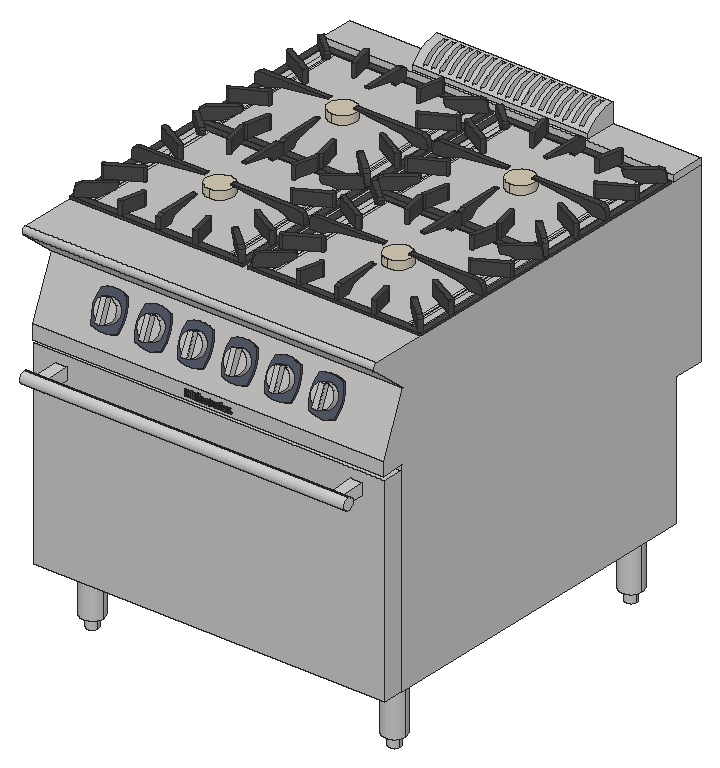
Revit family "QF_ELECTROLUXPROFESSIONAL_391457_E9AAMCBCMEE", category Attrezzature speciali, Revit 2018
Family settings
  Quota connettore circolare = Usa diametro
  Tipo di parte = Normale
  Basato su piano di lavoro = No
  Sempre verticale = Sì
  Taglio con vuoti quando caricato = No
  Condiviso = No
  Punto di calcolo locali = No
Parameters (values of type "Standard")
  Weight = 155.00 kg
  Watts = 0 W
  Volts = 0 V
  URL Manufacturer = "https://www.electroluxprofessional.com/"
  URL = "https://www.electroluxprofessional.com/"
  Steam Supply Size = 0"
  Steam Supply Minimum Pressure = 0.00 psi
  Steam Supply Maximum Pressure = 0.00 psi
  Steam Consumption per Hour = 0
  Show Logo [instance] = yes
  Show Clearance [instance] = yes
  Refrigeration Suction Line Size = 0 mm
  Refrigeration Liquid Line Size = 0 mm
  Refrigerant Compressor Remote = yes
  Phase = 0
  Modello = "E9AAMCBCMEE"
  Produttore = "Electrolux Professional"
  Length Actual = 800 mm  # constant formula
  Item Number = "391457"
  Hot Water Size = 0"
  Height Actual = 850 mm  # constant formula
  HP = "0 HP"
  Gas Size = 1/2"
  Gas KW = 28
  Gas Input Pressure = 0.691056 Btu/h
  Direct Waste Size = 0"
  Descrizione = "4-BURNER GAS RANGE+ELECTRIC OVEN 800MM - 3MM WORKTOP"
  Depth Actual = 930 mm  # constant formula
  Cycle = 0 Hz
  Condensate Return Size = 0"
  Compressed Air Volume = 0 GPM
  Compressed Air Size = 0"
  Compressed Air Pressure = 0.00 psi
  Cold Water Size = 0"
  Accessory = yes
Values of the unnamed type that differ from the named types
  Weight = 0.00 kg
  URL Manufacturer = ""
  Item Number = ""
  HP = ""
  Gas KW = 0
  Gas Input Pressure = 0.0 Btu/h
Reference planes
  plane 1 "BACK": y = 0
  plane 2: z = 0
  plane 3 "LEFT": x = 0
  plane 4 "RIGHT": x = 800.1
  plane 5 "FRONT": y = -930.275
  plane 6 "TOP": z = 909
  plane 7 "Center Y": x = 400.05
  plane 8 "Center X": y = -465.137
  plane 9: z = 150
  plane 10: z = 1397
  plane 11: y = -80.962
  plane 12: z = 851
  plane 13: x = 56
  plane 14: x = 744.1
  plane 15: y = -128
  plane 16: y = -802
  plane 17: y = -1306
  plane 18: y = -900
  plane 19: x = 552.1
  plane 20: x = 757.1
  plane 21: y = -665
Forms (mm)
  Extrusion 1, solid, material "QF_Finishes_Stainless Steel"
    sketch origin (0, 0, 0) x (0, 1, 0) y (0, 0, 1)
      loop
        line (0, 450.037) -> (0, 851) -> (-921.28, 851)
        arc (-921.28, 851) -> (-929.718, 845.109) -> (-927.095, 835.158) r 8.988
        line (-927.095, 835.158) -> (-846.681, 766.933) -> (-902.478, 641.576) -> (-902.478, 610.279) -> (-855.054, 614.975)
        arc (-855.054, 614.975) -> (-852.529, 614.227) -> (-851.437, 611.831) r 3.175
        line (-851.437, 611.831) -> (-851.437, 150) -> (-71.438, 150) -> (-71.438, 450.037) -> (0, 450.037)
    from 0 to 800.1
  Extrusion 2, solid, material "QF_Finishes_Stainless Steel"
    sketch origin (0, 0, 0) x (0, 1, 0) y (0, 0, 1)
      loop
        line (0, 851) -> (0, 865.288) -> (-76.2, 865.288) -> (-76.2, 851) -> (0, 851)
    from 0 to 800.1
  Extrusion 3, void
    sketch origin (-65.011, 0, 865.138) x (-1, 0, 0) y (0, -1, 0)
      loop
        line (-295.005, 6.761) -> (-285.709, 6.761) -> (-285.709, 63.911) -> (-295.005, 63.911) -> (-295.005, 6.761)
      loop
        line (-313.697, 6.761) -> (-304.401, 6.761) -> (-304.401, 63.911) -> (-313.697, 63.911) -> (-313.697, 6.761)
      loop
        line (-332.39, 6.761) -> (-323.094, 6.761) -> (-323.094, 63.911) -> (-332.39, 63.911) -> (-332.39, 6.761)
      loop
        line (-351.082, 6.761) -> (-341.787, 6.761) -> (-341.787, 63.911) -> (-351.082, 63.911) -> (-351.082, 6.761)
      loop
        line (-369.775, 6.761) -> (-360.479, 6.761) -> (-360.479, 63.911) -> (-369.775, 63.911) -> (-369.775, 6.761)
      loop
        line (-388.468, 6.761) -> (-379.172, 6.761) -> (-379.172, 63.911) -> (-388.468, 63.911) -> (-388.468, 6.761)
      loop
        line (-407.16, 6.761) -> (-397.864, 6.761) -> (-397.864, 63.911) -> (-407.16, 63.911) -> (-407.16, 6.761)
      loop
        line (-425.853, 6.761) -> (-416.557, 6.761) -> (-416.557, 63.911) -> (-425.853, 63.911) -> (-425.853, 6.761)
      loop
        line (-444.545, 6.761) -> (-435.25, 6.761) -> (-435.25, 63.911) -> (-444.545, 63.911) -> (-444.545, 6.761)
      loop
        line (-463.238, 6.761) -> (-453.942, 6.761) -> (-453.942, 63.911) -> (-463.238, 63.911) -> (-463.238, 6.761)
      loop
        line (-481.493, 6.761) -> (-472.635, 6.761) -> (-472.635, 63.911) -> (-481.493, 63.911) -> (-481.493, 6.761)
      loop
        line (-500.186, 6.761) -> (-490.89, 6.761) -> (-490.89, 63.911) -> (-500.186, 63.911) -> (-500.186, 6.761)
      loop
        line (-518.878, 6.761) -> (-509.583, 6.761) -> (-509.583, 63.911) -> (-518.878, 63.911) -> (-518.878, 6.761)
      loop
        line (-537.571, 6.761) -> (-528.275, 6.761) -> (-528.275, 63.911) -> (-537.571, 63.911) -> (-537.571, 6.761)
      loop
        line (-556.264, 6.761) -> (-546.968, 6.761) -> (-546.968, 63.911) -> (-556.264, 63.911) -> (-556.264, 6.761)
      loop
        line (-574.956, 6.761) -> (-565.66, 6.761) -> (-565.66, 63.911) -> (-574.956, 63.911) -> (-574.956, 6.761)
      loop
        line (-593.649, 6.761) -> (-584.353, 6.761) -> (-584.353, 63.911) -> (-593.649, 63.911) -> (-593.649, 6.761)
      loop
        line (-612.341, 6.761) -> (-603.046, 6.761) -> (-603.046, 63.911) -> (-612.341, 63.911) -> (-612.341, 6.761)
      loop
        line (-631.034, 6.761) -> (-621.738, 6.761) -> (-621.738, 63.911) -> (-631.034, 63.911) -> (-631.034, 6.761)
      loop
        line (-649.727, 6.761) -> (-640.431, 6.761) -> (-640.431, 63.911) -> (-649.727, 63.911) -> (-649.727, 6.761)
    from 9.525 to 45.348
  Extrusion 4, solid, material "QF_Finishes_Stainless Steel"
    sketch origin (400.05, 175.397, 1219.2) x (0, 1, 0) y (0, 0, 1)
      loop
        line (-175.397, -353.912) -> (-175.397, -310.2)
        arc (-175.397, -310.2) -> (-214.469, -318.821) -> (-245.247, -344.387) r 84.854
        line (-245.247, -344.387) -> (-245.247, -353.912) -> (-175.397, -353.912)
    from -200.05 to 199.95
  Extrusion 5, solid, material "QF_Finishes_Navy Blue"
    sketch origin (0, -879.281, 692.691) x (0, -0.406642, -0.913587) y (1, 0, 0)
      loop
        arc (-53.776, 223.651) -> (-18.194, 216.027) -> (17.514, 223.034) r 90.5
        arc (17.514, 223.034) -> (24.34, 252.222) -> (17.514, 281.409) r 65.817
        arc (17.514, 281.409) -> (-18.193, 288.369) -> (-53.776, 280.797) r 91.066
        arc (-53.776, 280.797) -> (-60.332, 252.224) -> (-53.776, 223.651) r 65.546
      loop
        arc (-53.776, 123.651) -> (-18.194, 116.027) -> (17.514, 123.034) r 90.5
        arc (17.514, 123.034) -> (24.34, 152.222) -> (17.514, 181.409) r 65.817
        arc (17.514, 181.409) -> (-18.193, 188.369) -> (-53.776, 180.797) r 91.066
        arc (-53.776, 180.797) -> (-60.332, 152.224) -> (-53.776, 123.651) r 65.546
      loop
        arc (-53.776, 576.786) -> (-60.332, 548.214) -> (-53.776, 519.641) r 65.546
        arc (-53.776, 519.641) -> (-18.193, 512.068) -> (17.514, 519.028) r 91.066
        arc (17.514, 519.028) -> (24.34, 548.216) -> (17.514, 577.404) r 65.817
        arc (17.514, 577.404) -> (-18.194, 584.411) -> (-53.776, 576.786) r 90.5
      loop
        arc (-53.776, 676.349) -> (-60.237, 647.995) -> (-53.776, 619.641) r 65.451
        arc (-53.776, 619.641) -> (-18.194, 612.032) -> (17.514, 619.025) r 90.665
        arc (17.514, 619.025) -> (24.245, 647.997) -> (17.514, 676.969) r 65.722
        arc (17.514, 676.969) -> (-18.195, 684.01) -> (-53.776, 676.349) r 90.1
      loop
        arc (-53.776, 420.279) -> (-18.194, 412.655) -> (17.514, 419.662) r 90.5
        arc (17.514, 419.662) -> (24.34, 448.849) -> (17.514, 478.037) r 65.817
        arc (17.514, 478.037) -> (-18.193, 484.997) -> (-53.776, 477.424) r 91.066
        arc (-53.776, 477.424) -> (-60.332, 448.852) -> (-53.776, 420.279) r 65.546
      loop
        arc (-53.776, 320.279) -> (-18.194, 312.655) -> (17.514, 319.662) r 90.5
        arc (17.514, 319.662) -> (24.34, 348.849) -> (17.514, 378.037) r 65.817
        arc (17.514, 378.037) -> (-18.193, 384.997) -> (-53.776, 377.424) r 91.066
        arc (-53.776, 377.424) -> (-60.332, 348.852) -> (-53.776, 320.279) r 65.546
    from 0 to 3.175
  Extrusion 6, solid, material "QF_Finishes_Stainless Steel"
    sketch origin (0, -882.182, 693.982) x (0, -0.406642, -0.913587) y (1, 0, 0)
      loop
        circle (-18.131, 252.457) r 25.4
      loop
        circle (-18.131, 152.457) r 25.4
      loop
        circle (-18.131, 547.543) r 25.4
      loop
        circle (-18.131, 647.543) r 25.4
      loop
        circle (-18.131, 349.085) r 25.4
      loop
        circle (-18.131, 449.085) r 25.4
    from 0 to 12.7
  Extrusion 7, solid, material "QF_Finishes_Stainless Steel"
    sketch origin (0, -893.785, 699.146) x (0, -0.406642, -0.913587) y (1, 0, 0)
      loop
        arc (-42.863, 258.243) -> (-43.531, 252.457) -> (-42.863, 246.671) r 25.4
        line (-42.863, 246.671) -> (6.601, 246.671)
        arc (6.601, 246.671) -> (7.269, 252.457) -> (6.601, 258.243) r 25.4
        line (6.601, 258.243) -> (-42.863, 258.243)
      loop
        arc (-42.863, 158.243) -> (-43.531, 152.457) -> (-42.863, 146.671) r 25.4
        line (-42.863, 146.671) -> (6.601, 146.671)
        arc (6.601, 146.671) -> (7.269, 152.457) -> (6.601, 158.243) r 25.4
        line (6.601, 158.243) -> (-42.863, 158.243)
      loop
        arc (-42.863, 553.425) -> (-43.531, 547.639) -> (-42.863, 541.852) r 25.4
        line (-42.863, 541.852) -> (6.601, 541.852)
        arc (6.601, 541.852) -> (7.269, 547.639) -> (6.601, 553.425) r 25.4
        line (6.601, 553.425) -> (-42.863, 553.425)
      loop
        arc (-42.863, 653.425) -> (-43.531, 647.639) -> (-42.863, 641.852) r 25.4
        line (-42.863, 641.852) -> (6.601, 641.852)
        arc (6.601, 641.852) -> (7.269, 647.639) -> (6.601, 653.425) r 25.4
        line (6.601, 653.425) -> (-42.863, 653.425)
      loop
        arc (-42.863, 454.871) -> (-43.531, 449.085) -> (-42.863, 443.299) r 25.4
        line (-42.863, 443.299) -> (6.601, 443.299)
        arc (6.601, 443.299) -> (7.269, 449.085) -> (6.601, 454.871) r 25.4
        line (6.601, 454.871) -> (-42.863, 454.871)
      loop
        arc (-42.863, 354.871) -> (-43.531, 349.085) -> (-42.863, 343.299) r 25.4
        line (-42.863, 343.299) -> (6.601, 343.299)
        arc (6.601, 343.299) -> (7.269, 349.085) -> (6.601, 354.871) r 25.4
        line (6.601, 354.871) -> (-42.863, 354.871)
    from 0 to 12.7
  Extrusion 8, solid, material "QF_Finishes_Navy Blue", visible <- "Show Logo"
    sketch origin (0, -902.478, 610.279) x (0, 0, 1) y (-1, 0, 0)
      loop
        line (21.268, -357.807) -> (8.901, -357.807)
        arc (8.901, -357.807) -> (15.085, -362.379) -> (21.268, -357.807) r 6.467
      loop
        arc (21.268, -357.178) -> (20.099, -352.035) -> (15.443, -349.557) r 6.338
        line (15.443, -349.557) -> (15.443, -351.603)
        arc (15.443, -351.603) -> (16.927, -355.258) -> (20.372, -357.178) r 5.941
        line (20.372, -357.178) -> (21.268, -357.178)
      loop
        arc (9.797, -357.178) -> (13.242, -355.258) -> (14.726, -351.603) r 5.941
        line (14.726, -351.603) -> (14.726, -349.557)
        arc (14.726, -349.557) -> (10.032, -352.031) -> (8.742, -357.178) r 6.504
        line (8.742, -357.178) -> (9.797, -357.178)
      loop
        line (21.943, -349.088) -> (8.198, -349.088) -> (8.198, -362.851) -> (21.943, -362.851) -> (21.943, -349.088)
      loop
        arc (22.026, -365.819) -> (21.679, -365.461) -> (21.312, -365.799) r 0.358
        arc (21.312, -365.799) -> (20.997, -366.549) -> (20.281, -366.934) r 1.216
        line (20.281, -366.934) -> (9.868, -366.934)
        arc (9.868, -366.934) -> (9.208, -366.657) -> (8.812, -366.06) r 1.238
        arc (8.812, -366.06) -> (8.417, -365.809) -> (8.112, -366.163) r 0.358
        line (8.112, -366.163) -> (8.112, -376.042) -> (10.863, -376.042) -> (10.863, -375.145)
        arc (10.863, -375.145) -> (9.954, -374.565) -> (9.498, -373.588) r 1.928
        line (9.498, -373.588) -> (9.498, -371.089)
        arc (9.498, -371.089) -> (9.774, -370.36) -> (10.462, -369.996) r 1.101
        line (10.462, -369.996) -> (14.549, -369.996) -> (14.549, -373.67)
        arc (14.549, -373.67) -> (14.196, -374.167) -> (13.631, -374.395) r 1.083
        arc (13.631, -374.395) -> (13.367, -374.7) -> (13.659, -374.978) r 0.292
        line (13.659, -374.978) -> (16.621, -374.978)
        arc (16.621, -374.978) -> (16.924, -374.705) -> (16.686, -374.375) r 0.305
        arc (16.686, -374.375) -> (16.195, -374.127) -> (15.89, -373.67) r 1.083
        line (15.89, -373.67) -> (15.89, -369.996) -> (20.567, -369.996) -> (20.567, -373.744)
        arc (20.567, -373.744) -> (20.353, -374.499) -> (19.747, -374.997) r 1.314
        arc (19.747, -374.997) -> (19.527, -375.401) -> (19.882, -375.694) r 0.361
        line (19.882, -375.694) -> (22.026, -375.694) -> (22.026, -365.819)
      loop
        arc (21.309, -376.474) -> (20.928, -377.393) -> (20.01, -377.773) r 1.299
        line (20.01, -377.773) -> (10.431, -377.773)
        arc (10.431, -377.773) -> (9.593, -377.395) -> (9.321, -376.517) r 1.118
        line (9.321, -376.517) -> (8.112, -376.517) -> (8.112, -381.867) -> (9.3, -381.867)
        arc (9.3, -381.867) -> (9.572, -380.95) -> (10.442, -380.554) r 1.153
        line (10.442, -380.554) -> (22.514, -380.554) -> (21.309, -376.474)
      loop
        line (13.077, -384.503) -> (13.077, -390.951) -> (13.876, -390.951)
        arc (13.876, -390.951) -> (16.456, -389.966) -> (17.725, -387.513) r 3.874
        line (17.725, -387.513) -> (17.725, -385.752)
        arc (17.725, -385.752) -> (16.538, -382.887) -> (13.674, -381.701) r 4.051
        line (13.674, -381.701) -> (11.666, -381.701)
        arc (11.666, -381.701) -> (8.847, -383.186) -> (7.795, -386.193) r 4.352
        arc (7.795, -386.193) -> (8.16, -388.656) -> (9.537, -390.73) r 5.713
        line (9.537, -390.73) -> (10.486, -390.73)
        arc (10.486, -390.73) -> (9.754, -389.161) -> (9.537, -387.443) r 5.579
        arc (9.537, -387.443) -> (10.331, -385.48) -> (12.21, -384.503) r 3.057
        line (12.21, -384.503) -> (13.077, -384.503)
      loop
        line (14.336, -384.503) -> (14.336, -388.085)
        arc (14.336, -388.085) -> (15.793, -388.133) -> (16.676, -386.973) r 1.59
        line (16.676, -386.973) -> (16.676, -386.143)
        arc (16.676, -386.143) -> (15.811, -384.888) -> (14.336, -384.503) r 2.184
      loop
        arc (17.127, -400.368) -> (17.616, -398.694) -> (17.773, -396.957) r 9.023
        line (17.773, -396.957) -> (17.773, -395.595)
        arc (17.773, -395.595) -> (16.614, -392.795) -> (13.814, -391.636) r 3.959
        line (13.814, -391.636) -> (11.214, -391.636)
        arc (11.214, -391.636) -> (8.932, -392.928) -> (7.815, -395.301) r 4.331
        line (7.815, -395.301) -> (7.815, -397.436)
        arc (7.815, -397.436) -> (8.323, -398.986) -> (9.245, -400.332) r 5.772
        arc (9.245, -400.332) -> (10.006, -400.383) -> (10.093, -399.624) r 0.553
        arc (10.093, -399.624) -> (9.705, -398.89) -> (9.571, -398.071) r 2.573
        line (9.571, -398.071) -> (9.571, -396.556)
        arc (9.571, -396.556) -> (10.577, -394.915) -> (12.392, -394.272) r 2.884
        line (12.392, -394.272) -> (13.67, -394.272)
        arc (13.67, -394.272) -> (15.492, -394.832) -> (16.418, -396.497) r 2.554
        line (16.418, -396.497) -> (16.418, -397.55)
        arc (16.418, -397.55) -> (16.087, -398.478) -> (15.43, -399.213) r 2.564
        arc (15.43, -399.213) -> (15.208, -399.93) -> (15.817, -400.368) r 0.643
        line (15.817, -400.368) -> (17.127, -400.368)
      loop
        line (16.109, -400.638) -> (16.109, -402.139) -> (10.061, -402.139)
        arc (10.061, -402.139) -> (8.473, -402.797) -> (7.815, -404.385) r 2.246
        line (7.815, -404.385) -> (7.815, -405.969)
        arc (7.815, -405.969) -> (8.129, -406.834) -> (8.629, -407.605) r 4.06
        arc (8.629, -407.605) -> (9.362, -407.738) -> (9.613, -407.037) r 0.576
        arc (9.613, -407.037) -> (9.507, -406.512) -> (9.571, -405.979) r 1.69
        arc (9.571, -405.979) -> (10.113, -405.191) -> (11.019, -404.888) r 1.506
        line (11.019, -404.888) -> (16.157, -404.888) -> (16.157, -407.285) -> (16.713, -407.842) -> (17.535, -407.842) -> (17.535, -404.982) -> (20.766, -404.982) -> (16.109, -400.638)
      loop
        line (8.032, -408.739) -> (8.032, -414.126) -> (9.142, -414.126)
        arc (9.142, -414.126) -> (9.536, -413.175) -> (10.487, -412.781) r 1.345
        line (10.487, -412.781) -> (14.103, -412.781)
        arc (14.103, -412.781) -> (14.868, -413.373) -> (15.157, -414.295) r 1.615
        line (15.157, -414.295) -> (15.157, -415.851) -> (17.713, -416.536) -> (17.713, -415.153) -> (15.771, -412.594) -> (17.651, -412.594) -> (17.367, -409.888)
        arc (17.367, -409.888) -> (16.927, -409.358) -> (16.268, -409.559) r 0.621
        arc (16.268, -409.559) -> (15.868, -409.901) -> (15.374, -410.084) r 1.501
        line (15.374, -410.084) -> (10.487, -410.084)
        arc (10.487, -410.084) -> (9.536, -409.69) -> (9.142, -408.739) r 1.345
        line (9.142, -408.739) -> (8.032, -408.739)
      loop
        line (14.134, -416.073) -> (11.442, -416.073)
        arc (11.442, -416.073) -> (8.996, -417.381) -> (7.863, -419.912) r 4.288
        arc (7.863, -419.912) -> (7.799, -421.292) -> (7.863, -422.672) r 15.022
        arc (7.863, -422.672) -> (8.996, -425.203) -> (11.442, -426.51) r 4.288
        line (11.442, -426.51) -> (14.134, -426.51)
        arc (14.134, -426.51) -> (16.579, -425.203) -> (17.713, -422.672) r 4.288
        arc (17.713, -422.672) -> (17.777, -421.292) -> (17.713, -419.912) r 15.022
        arc (17.713, -419.912) -> (16.579, -417.381) -> (14.134, -416.073) r 4.288
      loop
        line (14.339, -419.187) -> (11.237, -419.187)
        arc (11.237, -419.187) -> (9.08, -421.344) -> (11.237, -423.501) r 2.157
        line (11.237, -423.501) -> (14.339, -423.501)
        arc (14.339, -423.501) -> (16.496, -421.344) -> (14.339, -419.187) r 2.157
      loop
        arc (21.32, -426.369) -> (20.949, -427.263) -> (20.055, -427.633) r 1.264
        line (20.055, -427.633) -> (10.191, -427.633)
        arc (10.191, -427.633) -> (9.321, -427.236) -> (9.049, -426.32) r 1.153
        line (9.049, -426.32) -> (8.112, -426.32) -> (8.112, -431.428) -> (9.04, -431.428)
        arc (9.04, -431.428) -> (9.399, -430.656) -> (10.191, -430.341) r 1.153
        line (10.191, -430.341) -> (22.514, -430.341) -> (21.32, -426.369)
      loop
        arc (16.44, -430.966) -> (16.241, -432.03) -> (15.272, -432.512) r 1.215
        line (15.272, -432.512) -> (10.252, -432.512)
        arc (10.252, -432.512) -> (8.637, -433.16) -> (7.916, -434.743) r 2.338
        line (7.916, -434.743) -> (7.916, -436.257)
        arc (7.916, -436.257) -> (8.091, -437.261) -> (8.593, -438.147) r 2.979
        line (8.593, -438.147) -> (8.112, -439.944) -> (8.112, -441.633) -> (17.537, -441.633) -> (17.243, -437.429) -> (16.457, -437.429)
        arc (16.457, -437.429) -> (16.101, -438.265) -> (15.349, -438.774) r 1.605
        line (15.349, -438.774) -> (10.246, -438.774)
        arc (10.246, -438.774) -> (9.826, -437.837) -> (9.753, -436.813) r 2.94
        arc (9.753, -436.813) -> (10.314, -435.712) -> (11.467, -435.269) r 1.724
        line (11.467, -435.269) -> (17.664, -435.269) -> (16.44, -430.966)
      loop
        line (17.468, -442.486) -> (15.796, -444.532) -> (12.622, -446.838) -> (9.166, -443.726)
        arc (9.166, -443.726) -> (8.928, -443.332) -> (8.951, -442.873) r 0.789
        line (8.951, -442.873) -> (8.112, -442.873) -> (8.112, -446.418) -> (8.938, -446.418)
        arc (8.938, -446.418) -> (9.28, -446.056) -> (9.77, -446.148) r 0.52
        line (9.77, -446.148) -> (11.57, -447.619) -> (9.452, -448.995)
        arc (9.452, -448.995) -> (9.051, -448.685) -> (8.964, -448.185) r 0.7
        line (8.964, -448.185) -> (8.112, -448.185) -> (8.112, -454.112) -> (8.998, -454.112)
        arc (8.998, -454.112) -> (9.065, -453.453) -> (9.46, -452.922) r 1.247
        line (9.46, -452.922) -> (13.66, -449.641) -> (16.107, -451.694) -> (17.468, -453.436) -> (17.468, -449.713) -> (15.983, -450.135) -> (14.462, -448.858) -> (16.162, -447.668) -> (17.468, -448.445) -> (17.468, -442.486)
    from 0 to 1.644
  Extrusion 9, solid, material "QF_Finishes_Stainless Steel"
    sketch origin (0, -851.437, 611.831) x (0, 0, -1) y (1, 0, 0)
      loop
        line (461.056, 0) -> (461.056, 800) -> (9.61, 800) -> (9.61, 0) -> (461.056, 0)
    from 3.175 to 48.563
  Extrusion 10, solid, material "QF_Door-Drawer Clearances", visible <- "Show Clearance", detail levels coarse
    sketch origin (800, -851.437, 150.775) x (0, 0, 1) y (0, -1, 0)
      loop
        line (0, 454.563) -> (0, 48.563) -> (451.635, 48.563)
        arc (451.635, 48.563) -> (296.232, 329.892) -> (0, 454.563) r 490.361
    from 0 to -800
  Extrusion 11, solid, material "QF_Clearances", visible <- "Show Clearance", detail levels coarse
    sketch origin (0, 0, 0) x (1, 0, 0) y (0, 1, 0)
      loop
        line (-100.013, -930.275) -> (0, -930.275) -> (0, 0) -> (800.1, 0) -> (800.1, -930.275) -> (900.113, -930.275) -> (900.113, 100.013) -> (-100.013, 100.013) -> (-100.013, -930.275)
    from 0 to 909
  Revolve 12, solid, material "QF_Finishes_Stainless Steel"
    sketch origin (800.1, -128, 611.731) x (0, 0, -1) y (1, 0, 0)
      loop
        line (461.731, -56) -> (611.731, -56) -> (611.731, -43.3) -> (586.331, -43.3) -> (586.331, -30.6) -> (461.731, -30.6) -> (461.731, -56)
      axis (611.731, -56) -> (461.731, -56)
    angle from 0 to 360
  Revolve 13, solid, material "QF_Finishes_Stainless Steel"
    sketch origin (111.125, -128, 611.731) x (0, 0, -1) y (1, 0, 0)
      loop
        line (461.731, -55.125) -> (611.731, -55.125) -> (611.731, -42.425) -> (586.331, -42.425) -> (586.331, -29.725) -> (461.731, -29.725) -> (461.731, -55.125)
      axis (611.731, -55.125) -> (461.731, -55.125)
    angle from 0 to 360
  Revolve 14, solid, material "QF_Finishes_Stainless Steel"
    sketch origin (800.1, -802, 611.731) x (0, 0, -1) y (1, 0, 0)
      loop
        line (461.731, -56) -> (611.731, -56) -> (611.731, -43.3) -> (586.331, -43.3) -> (586.331, -30.6) -> (461.731, -30.6) -> (461.731, -56)
      axis (611.731, -56) -> (461.731, -56)
    angle from 0 to 360
  Revolve 15, solid, material "QF_Finishes_Stainless Steel"
    sketch origin (111.125, -802, 611.731) x (0, 0, -1) y (1, 0, 0)
      loop
        line (461.731, -55.125) -> (611.731, -55.125) -> (611.731, -42.425) -> (586.331, -42.425) -> (586.331, -29.725) -> (461.731, -29.725) -> (461.731, -55.125)
      axis (611.731, -55.125) -> (461.731, -55.125)
    angle from 0 to 360
  Extrusion 16, solid, material "QF_Finishes_Handrails and Railings"
    sketch origin (50.8, -1067.312, 150) x (0, 0, 1) y (0, 1, 0)
      loop
        circle (421.409, 103.146) r 12.7
    from 19.875 to -718.375
  Extrusion 17, solid, material "QF_Finishes_Handrails and Railings"
    sketch origin (800, -1067.312, 150) x (0, 0, 1) y (0, -1, 0)
      loop
        line (430.101, -167.312) -> (427.396, -114.347)
        arc (427.396, -114.347) -> (413.589, -113.153) -> (409.093, -100.044) r 12.7
        arc (409.093, -100.044) -> (408.276, -100.585) -> (407.501, -101.183) r 13.441
        arc (407.501, -101.183) -> (406.055, -102.989) -> (405.435, -105.216) r 5.77
        line (405.435, -105.216) -> (402.092, -167.312) -> (430.101, -167.312)
    from -50.7 to -76.1
  Extrusion 18, solid, material "QF_Finishes_Handrails and Railings"
    sketch origin (0.1, -1067.312, 150) x (0, 0, 1) y (0, 1, 0)
      loop
        line (430.101, 167.312) -> (402.092, 167.312) -> (405.435, 105.216)
        arc (405.435, 105.216) -> (406.055, 102.989) -> (407.501, 101.183) r 5.77
        arc (407.501, 101.183) -> (408.276, 100.585) -> (409.093, 100.044) r 13.441
        arc (409.093, 100.044) -> (413.589, 113.153) -> (427.396, 114.347) r 12.7
        line (427.396, 114.347) -> (430.101, 167.312)
    from -50.7 to -76.1
  Extrusion 19, solid, material "QF_Finishes_Stainless Steel"
    sketch origin (0, -851.437, 150) x (1, 0, 0) y (0, -1, 0)
      loop
        circle (757.1, -91.437) r 12.7
    from 0 to 4
  Extrusion 20, solid, material "QF_Finishes_Stainless Steel"
    sketch origin (0, -851.437, 150) x (1, 0, 0) y (0, -1, 0)
      loop
        circle (749.1, -186.437) r 6.4
    from 0 to 21
  Extrusion 21, solid, material "QF_Finishes_Stainless Steel"
    sketch origin (0, -851.437, 150) x (1, 0, 0) y (0, -1, 0)
      loop
        circle (649.1, -316.437) r 12.7
    from 0 to 3
Cuts and joins
  Extrusion 3 cuts Extrusion 4
Lines and regions (mm)
  Split face 1
    outline origin (0, -846.681, 766.933) x (0, -0.406642, -0.913587) y (1, 0, 0)
      loop
        circle (14.837, 511.387) r 5
  Split face 2
    outline origin (800.1, -846.681, 766.933) x (0, -0.406642, -0.913587) y (1, 0, 0)
      loop
        circle (14.837, -511.387) r 5
  symbolic lines, style "QF_Clearances", visible <- "Show Clearance", detail levels coarse
    curve 1: line (-100.013, -930.275, 0) -> (-100.012, 100.013, 0)
    curve 2: line (-100.013, 100.013, 0) -> (900.113, 100.013, 0)
    curve 3: line (900.113, 100.013, 0) -> (900.113, -929.879, 0)
  symbolic lines
    curve 4: line (0, 0, 0) -> (800.1, 0, 0)
    curve 5: line (800.1, 0, 0) -> (800.1, -930.275, 0)
    curve 6: line (0, -930.275, 0) -> (0, 0, 0)
    curve 7: line (0, -76.2, 0) -> (800.1, -76.2, 0)
    curve 8: line (0, -930.275, 0) -> (800.1, -930.275, 0)
    curve 13: line (50.8, -967.268, 0) -> (50.8, -930.275, 0)
    curve 14: line (50.8, -967.268, 0) -> (76.2, -967.268, 0)
    curve 15: line (76.2, -967.268, 0) -> (76.2, -930.275, 0)
    curve 16: line (30.925, -951.466, 0) -> (30.925, -976.866, 0)
    curve 17: line (30.925, -976.866, 0) -> (769.175, -976.866, 0)
    curve 18: line (769.175, -976.866, 0) -> (769.175, -951.466, 0)
    curve 19: line (769.175, -951.466, 0) -> (749.3, -951.466, 0)
    curve 20: line (749.3, -967.268, 0) -> (749.3, -930.275, 0)
    curve 21: line (723.9, -930.275, 0) -> (723.9, -967.268, 0)
    curve 22: line (723.9, -967.268, 0) -> (749.3, -967.268, 0)
    curve 23: line (76.2, -951.468, 0) -> (723.9, -951.468, 0)
    curve 24: line (200, -69.85, 0) -> (600, -69.85, 0)
    curve 25: line (220.698, -63.911, 0) -> (220.698, -6.761, 0)
    curve 26: line (220.698, -6.761, 0) -> (229.994, -6.761, 0)
    curve 27: line (229.994, -6.761, 0) -> (229.994, -63.911, 0)
    curve 28: line (229.994, -63.911, 0) -> (220.698, -63.911, 0)
    curve 29: line (239.39, -63.911, 0) -> (239.39, -6.761, 0)
    curve 30: line (239.39, -6.761, 0) -> (248.686, -6.761, 0)
    curve 31: line (248.686, -6.761, 0) -> (248.686, -63.911, 0)
    curve 32: line (248.686, -63.911, 0) -> (239.39, -63.911, 0)
    curve 33: line (258.083, -63.911, 0) -> (258.083, -6.761, 0)
    curve 34: line (258.083, -6.761, 0) -> (267.379, -6.761, 0)
    curve 35: line (267.379, -6.761, 0) -> (267.379, -63.911, 0)
    curve 36: line (267.379, -63.911, 0) -> (258.083, -63.911, 0)
    curve 37: line (276.776, -63.911, 0) -> (276.776, -6.761, 0)
    curve 38: line (276.776, -6.761, 0) -> (286.071, -6.761, 0)
    curve 39: line (286.071, -6.761, 0) -> (286.071, -63.911, 0)
    curve 40: line (286.071, -63.911, 0) -> (276.776, -63.911, 0)
    curve 41: line (295.468, -63.911, 0) -> (295.468, -6.761, 0)
    curve 42: line (295.468, -6.761, 0) -> (304.764, -6.761, 0)
    curve 43: line (304.764, -6.761, 0) -> (304.764, -63.911, 0)
    curve 44: line (304.764, -63.911, 0) -> (295.468, -63.911, 0)
    curve 45: line (314.161, -63.911, 0) -> (314.161, -6.761, 0)
    curve 46: line (314.161, -6.761, 0) -> (323.457, -6.761, 0)
    curve 47: line (323.457, -6.761, 0) -> (323.457, -63.911, 0)
    curve 48: line (323.457, -63.911, 0) -> (314.161, -63.911, 0)
    curve 49: line (332.854, -63.911, 0) -> (332.854, -6.761, 0)
    curve 50: line (332.854, -6.761, 0) -> (342.149, -6.761, 0)
    curve 51: line (342.149, -6.761, 0) -> (342.149, -63.911, 0)
    curve 52: line (342.149, -63.911, 0) -> (332.854, -63.911, 0)
    curve 53: line (351.546, -63.911, 0) -> (351.546, -6.761, 0)
    curve 54: line (351.546, -6.761, 0) -> (360.842, -6.761, 0)
    curve 55: line (360.842, -6.761, 0) -> (360.842, -63.911, 0)
    curve 56: line (360.842, -63.911, 0) -> (351.546, -63.911, 0)
    curve 57: line (370.239, -63.911, 0) -> (370.239, -6.761, 0)
    curve 58: line (370.239, -6.761, 0) -> (379.534, -6.761, 0)
    curve 59: line (379.534, -6.761, 0) -> (379.534, -63.911, 0)
    curve 60: line (379.534, -63.911, 0) -> (370.239, -63.911, 0)
    curve 61: line (388.931, -63.911, 0) -> (388.931, -6.761, 0)
    curve 62: line (388.931, -6.761, 0) -> (398.227, -6.761, 0)
    curve 63: line (398.227, -6.761, 0) -> (398.227, -63.911, 0)
    curve 64: line (398.227, -63.911, 0) -> (388.931, -63.911, 0)
    curve 65: line (407.624, -63.911, 0) -> (407.624, -6.761, 0)
    curve 66: line (407.624, -6.761, 0) -> (416.482, -6.761, 0)
    curve 67: line (416.482, -6.761, 0) -> (416.482, -63.911, 0)
    curve 68: line (416.482, -63.911, 0) -> (407.624, -63.911, 0)
    curve 69: line (425.879, -63.911, 0) -> (425.879, -6.761, 0)
    curve 70: line (425.879, -6.761, 0) -> (435.175, -6.761, 0)
    curve 71: line (435.175, -6.761, 0) -> (435.175, -63.911, 0)
    curve 72: line (435.175, -63.911, 0) -> (425.879, -63.911, 0)
    curve 73: line (444.572, -63.911, 0) -> (444.572, -6.761, 0)
    curve 74: line (444.572, -6.761, 0) -> (453.867, -6.761, 0)
    curve 75: line (453.867, -6.761, 0) -> (453.867, -63.911, 0)
    curve 76: line (453.867, -63.911, 0) -> (444.572, -63.911, 0)
    curve 77: line (463.264, -63.911, 0) -> (463.264, -6.761, 0)
    curve 78: line (463.264, -6.761, 0) -> (472.56, -6.761, 0)
    curve 79: line (472.56, -6.761, 0) -> (472.56, -63.911, 0)
    curve 80: line (472.56, -63.911, 0) -> (463.264, -63.911, 0)
    curve 81: line (481.957, -63.911, 0) -> (481.957, -6.761, 0)
    curve 82: line (481.957, -6.761, 0) -> (491.253, -6.761, 0)
    curve 83: line (491.253, -6.761, 0) -> (491.253, -63.911, 0)
    curve 84: line (491.253, -63.911, 0) -> (481.957, -63.911, 0)
    curve 85: line (500.65, -63.911, 0) -> (500.65, -6.761, 0)
    curve 86: line (500.65, -6.761, 0) -> (509.945, -6.761, 0)
    curve 87: line (509.945, -6.761, 0) -> (509.945, -63.911, 0)
    curve 88: line (509.945, -63.911, 0) -> (500.65, -63.911, 0)
    curve 89: line (519.342, -63.911, 0) -> (519.342, -6.761, 0)
    curve 90: line (519.342, -6.761, 0) -> (528.638, -6.761, 0)
    curve 91: line (528.638, -6.761, 0) -> (528.638, -63.911, 0)
    curve 92: line (528.638, -63.911, 0) -> (519.342, -63.911, 0)
    curve 93: line (538.035, -63.911, 0) -> (538.035, -6.761, 0)
    curve 94: line (538.035, -6.761, 0) -> (547.33, -6.761, 0)
    curve 95: line (547.33, -6.761, 0) -> (547.33, -63.911, 0)
    curve 96: line (547.33, -63.911, 0) -> (538.035, -63.911, 0)
    curve 97: line (556.727, -63.911, 0) -> (556.727, -6.761, 0)
    curve 98: line (556.727, -6.761, 0) -> (566.023, -6.761, 0)
    curve 99: line (566.023, -6.761, 0) -> (566.023, -63.911, 0)
    curve 100: line (566.023, -63.911, 0) -> (556.727, -63.911, 0)
    curve 101: line (575.42, -63.911, 0) -> (575.42, -6.761, 0)
    curve 102: line (575.42, -6.761, 0) -> (584.716, -6.761, 0)
    curve 103: line (584.716, -6.761, 0) -> (584.716, -63.911, 0)
    curve 104: line (584.716, -63.911, 0) -> (575.42, -63.911, 0)
    curve 105: line (600, -69.85, 0) -> (600, 0, 0)
    curve 106: line (200, 0, 0) -> (200, -69.85, 0)
  symbolic lines, style "QF_Door-Drawer Clearances"
    curve 9: line (800.1, -930.275, 0) -> (800.1, -1306, 0)
    curve 10: line (800.1, -1306, 0) -> (0, -1306, 0)
    curve 11: line (0, -930.275, 0) -> (0, -1306, 0)
  symbolic lines, style "SpecialityEquipment"
    curve 12: line (30.925, -951.466, 0) -> (50.8, -951.466, 0)
Dimensions and locks
  equal spacing: plane 3 "LEFT", plane 7 "Center Y", plane 4 "RIGHT"
  plane 3 "LEFT" to plane 4 "RIGHT" = 800.1 mm
  equal spacing: plane 5 "FRONT", plane 8 "Center X", plane 1 "BACK"
  plane 5 "FRONT" to plane 1 "BACK" = 930.275 mm  (x3)
  plane 6 "TOP" to plane 2 = 909 mm
  plane 9 to plane 2 = 150 mm
  plane 10 to plane 2 = 1397 mm
  plane 6 "TOP" to plane 12 = 58 mm  (x2)
  plane 12 to plane 2 = 851 mm
  plane 3 "LEFT" to plane 13 = 56 mm
  plane 4 "RIGHT" to plane 14 = 56 mm
  plane 15 to plane 1 "BACK" = 128 mm
  plane 16 to plane 15 = 674 mm
  Extrusion 1 sketch curve to plane 1 "BACK" = 71.438 mm
  Extrusion 1 sketch curve to plane 9 = 300.037 mm
  plane 17 to plane 1 "BACK" = 1306 mm
  plane 18 to plane 1 "BACK" = 900 mm
  plane 18 to plane 16 = 98 mm
  plane 9 to Extrusion 1 = 300.037 mm
  plane 4 "RIGHT" to plane 19 = 248 mm
  plane 4 "RIGHT" to plane 20 = 43 mm
  plane 13 to plane 14 = 688.1 mm
  plane 21 to plane 1 "BACK" = 665 mm
  Extrusion 19 sketch curve to plane 4 "RIGHT" = 43 mm
  Extrusion 19 sketch curve to plane 1 "BACK" = 760 mm
  plane 2 to Extrusion 20 = 129 mm
  aligned and locked: level to plane 2
  aligned and locked: Extrusion 1 to plane 4 "RIGHT"
  aligned and locked: Extrusion 2 to plane 4 "RIGHT"
  aligned and locked: Extrusion 10 to Extrusion 9
  aligned and locked: plane 6 "TOP" to Extrusion 11
Automatic sketch dimensions
  Extrusion 2 sketch curve to plane 12 = 0 mm
  Extrusion 2 sketch curve to plane 1 "BACK" = 0 mm
  plane 11 to Extrusion 2 sketch curve = 4.763 mm
  plane 12 to Extrusion 2 sketch curve = 14.288 mm
  plane 19 to Extrusion 3 sketch curve = 32.616 mm
  Extrusion 3 sketch curve to Extrusion 3 sketch curve = 9.296 mm  (x18)
  Extrusion 3 sketch curve to Extrusion 3 sketch curve = 9.397 mm  (x17)
  plane 19 to Extrusion 3 sketch curve = 4.627 mm
  Extrusion 3 sketch curve to plane 19 = 4.77 mm
  plane 7 "Center Y" to Extrusion 3 sketch curve = 7.574 mm
  Extrusion 3 sketch curve to plane 7 "Center Y" = 1.823 mm
  plane 1 "BACK" to Extrusion 3 sketch curve = 6.761 mm  (x20)
  plane 11 to Extrusion 3 sketch curve = 17.052 mm  (x20)
  Extrusion 4 sketch curve to plane 1 "BACK" = 0 mm
  Extrusion 4 sketch curve to plane 6 "TOP" = 0 mm
  plane 1 "BACK" to Extrusion 4 sketch curve = 1.769 mm
  plane 11 to Extrusion 4 sketch curve = 11.113 mm
  Extrusion 4 sketch curve to plane 6 "TOP" = 34.187 mm
  Extrusion 4 sketch curve to Extrusion 4 sketch curve = 9.525 mm
  plane 19 to Extrusion 5 sketch curve = 67.541 mm
  Extrusion 5 sketch curve to plane 13 = 167.651 mm
  Extrusion 5 sketch curve to Extrusion 5 sketch curve = 0 mm  (x16)
  Extrusion 5 sketch curve to plane 7 "Center Y" = 22.626 mm
  Extrusion 5 sketch curve to plane 19 = 32.459 mm
  plane 7 "Center Y" to Extrusion 5 sketch curve = 20.229 mm
  plane 19 to Extrusion 5 sketch curve = 24.686 mm
  Extrusion 5 sketch curve to Extrusion 5 sketch curve = 12.3 mm  (x18)
  Extrusion 5 sketch curve to plane 19 = 3.884 mm
  Extrusion 5 sketch curve to Extrusion 5 sketch curve = 36.365 mm  (x7)
  plane 7 "Center Y" to Extrusion 5 sketch curve = 3.101 mm
  Extrusion 5 sketch curve to plane 7 "Center Y" = 6.115 mm
  Extrusion 5 sketch curve to Extrusion 5 sketch curve = 46.691 mm  (x6)
  plane 7 "Center Y" to Extrusion 5 sketch curve = 19.612 mm
  Extrusion 5 sketch curve to plane 7 "Center Y" = 22.013 mm
  Extrusion 5 sketch curve to Extrusion 5 sketch curve = 0.617 mm
  Extrusion 5 sketch curve to Extrusion 5 sketch curve = 16.51 mm  (x2)
  Extrusion 5 sketch curve to Extrusion 5 sketch curve = 9.217 mm  (x2)
  Extrusion 5 sketch curve to Extrusion 5 sketch curve = 15.898 mm
  Extrusion 5 sketch curve to Extrusion 5 sketch curve = 29.185 mm
  Extrusion 5 sketch curve to Extrusion 5 sketch curve = 28.57 mm  (x2)
  Extrusion 5 sketch curve to Extrusion 5 sketch curve = 13.138 mm
  Extrusion 5 sketch curve to Extrusion 5 sketch curve = 9.238 mm
  Extrusion 5 sketch curve to Extrusion 5 sketch curve = 15.894 mm
  Extrusion 5 sketch curve to Extrusion 5 sketch curve = 28.97 mm
  Extrusion 6 sketch curve to Extrusion 6 sketch curve = 0 mm  (x5)
  Extrusion 6 sketch curve to Extrusion 6 sketch curve = 100 mm  (x3)
  Extrusion 6 sketch curve to Extrusion 6 sketch curve = 96.628 mm
  Extrusion 6 sketch curve to Extrusion 6 sketch curve = 98.458 mm
  Extrusion 7 sketch curve to Extrusion 7 sketch curve = 0 mm  (x12)
  Extrusion 7 sketch curve to Extrusion 7 sketch curve = 24.732 mm  (x8)
  Extrusion 7 sketch curve to Extrusion 7 sketch curve = 86.982 mm
  Extrusion 7 sketch curve to Extrusion 7 sketch curve = 5.786 mm  (x2)
  Extrusion 7 sketch curve to Extrusion 7 sketch curve = 88.428 mm
  Extrusion 8 sketch curve to Extrusion 1 = 2.755 mm
  Extrusion 8 sketch curve to Extrusion 1 = 7.795 mm
  Extrusion 8 sketch curve to Extrusion 1 = 7.815 mm  (x2)
  Extrusion 8 sketch curve to Extrusion 8 sketch curve = 5.108 mm  (x2)
  Extrusion 8 sketch curve to Extrusion 8 sketch curve = 0 mm  (x27)
  Extrusion 8 sketch curve to Extrusion 1 = 7.916 mm
  Extrusion 8 sketch curve to Extrusion 8 sketch curve = 0.218 mm
  Extrusion 8 sketch curve to Extrusion 8 sketch curve = 0.195 mm
  Extrusion 8 sketch curve to Extrusion 8 sketch curve = 0.249 mm
  Extrusion 8 sketch curve to Extrusion 1 = 8.112 mm
  Extrusion 8 sketch curve to Extrusion 8 sketch curve = 0.087 mm
  Extrusion 8 sketch curve to Extrusion 8 sketch curve = 0.358 mm
  Extrusion 8 sketch curve to Extrusion 8 sketch curve = 0.481 mm
  Extrusion 8 sketch curve to Extrusion 8 sketch curve = 0.597 mm
  Extrusion 8 sketch curve to Extrusion 8 sketch curve = 0.544 mm
  Extrusion 8 sketch curve to Extrusion 8 sketch curve = 0.936 mm
  Extrusion 8 sketch curve to Extrusion 8 sketch curve = 0.594 mm
  Extrusion 8 sketch curve to Extrusion 8 sketch curve = 0.343 mm
  Extrusion 8 sketch curve to Extrusion 8 sketch curve = 0.159 mm
  Extrusion 8 sketch curve to Extrusion 8 sketch curve = 0.826 mm
  Extrusion 8 sketch curve to Extrusion 8 sketch curve = 0.839 mm
  Extrusion 8 sketch curve to Extrusion 8 sketch curve = 0.852 mm
  Extrusion 8 sketch curve to Extrusion 8 sketch curve = 0.887 mm
  Extrusion 8 sketch curve to Extrusion 8 sketch curve = 0.928 mm
  Extrusion 8 sketch curve to Extrusion 8 sketch curve = 0.938 mm
  Extrusion 8 sketch curve to Extrusion 8 sketch curve = 0.444 mm
  Extrusion 8 sketch curve to Extrusion 8 sketch curve = 1.11 mm  (x3)
  Extrusion 8 sketch curve to Extrusion 8 sketch curve = 0.215 mm
  Extrusion 8 sketch curve to Extrusion 8 sketch curve = 1.43 mm
  Extrusion 8 sketch curve to Extrusion 8 sketch curve = 1.188 mm
  Extrusion 8 sketch curve to Extrusion 8 sketch curve = 1.21 mm  (x2)
  Extrusion 8 sketch curve to Extrusion 8 sketch curve = 0.503 mm
  Extrusion 8 sketch curve to Extrusion 8 sketch curve = 0.488 mm
  Extrusion 8 sketch curve to Extrusion 8 sketch curve = 0.462 mm
  Extrusion 8 sketch curve to Extrusion 8 sketch curve = 1.386 mm
  Extrusion 8 sketch curve to Extrusion 8 sketch curve = 1.742 mm  (x2)
  Extrusion 8 sketch curve to Extrusion 8 sketch curve = 0.821 mm
  Extrusion 8 sketch curve to Extrusion 8 sketch curve = 0.497 mm
  Extrusion 8 sketch curve to Extrusion 8 sketch curve = 0.539 mm
  Extrusion 8 sketch curve to Extrusion 8 sketch curve = 0.199 mm
  Extrusion 8 sketch curve to Extrusion 8 sketch curve = 0.408 mm
  Extrusion 8 sketch curve to Extrusion 8 sketch curve = 0.743 mm
  Extrusion 8 sketch curve to Extrusion 8 sketch curve = 1.16 mm
  Extrusion 8 sketch curve to Extrusion 8 sketch curve = 0.329 mm
  Extrusion 8 sketch curve to Extrusion 8 sketch curve = 1.054 mm
  Extrusion 8 sketch curve to Extrusion 8 sketch curve = 1.056 mm
  Extrusion 8 sketch curve to Extrusion 8 sketch curve = 0.129 mm
  Extrusion 8 sketch curve to Extrusion 8 sketch curve = 0.489 mm
  Extrusion 8 sketch curve to Extrusion 8 sketch curve = 0.441 mm
  Extrusion 8 sketch curve to Extrusion 8 sketch curve = 1.151 mm
  Extrusion 8 sketch curve to Extrusion 8 sketch curve = 1.141 mm  (x2)
  Extrusion 8 sketch curve to Extrusion 8 sketch curve = 0.768 mm
  Extrusion 8 sketch curve to Extrusion 8 sketch curve = 1.653 mm
  Extrusion 8 sketch curve to Extrusion 8 sketch curve = 0.499 mm
  Extrusion 8 sketch curve to Extrusion 8 sketch curve = 0.964 mm
  Extrusion 8 sketch curve to Extrusion 8 sketch curve = 0.949 mm
  Extrusion 8 sketch curve to Extrusion 8 sketch curve = 1.345 mm  (x3)
  Extrusion 8 sketch curve to Extrusion 8 sketch curve = 1.101 mm
  Extrusion 8 sketch curve to Extrusion 8 sketch curve = 0.432 mm
  Extrusion 8 sketch curve to Extrusion 8 sketch curve = 1.142 mm
  Extrusion 8 sketch curve to Extrusion 8 sketch curve = 0.959 mm
  Extrusion 8 sketch curve to Extrusion 8 sketch curve = 0.176 mm
  Extrusion 8 sketch curve to Extrusion 8 sketch curve = 0.728 mm
  Extrusion 8 sketch curve to Extrusion 8 sketch curve = 3.375 mm  (x2)
  Extrusion 8 sketch curve to Extrusion 8 sketch curve = 0.541 mm
  Extrusion 8 sketch curve to Extrusion 8 sketch curve = 0.955 mm
  Extrusion 8 sketch curve to Extrusion 8 sketch curve = 1.251 mm
  Extrusion 8 sketch curve to Extrusion 8 sketch curve = 0.572 mm
  Extrusion 8 sketch curve to Extrusion 8 sketch curve = 1.92 mm
  Extrusion 8 sketch curve to Extrusion 8 sketch curve = 1.224 mm
  Extrusion 8 sketch curve to Extrusion 8 sketch curve = 0.745 mm
  Extrusion 8 sketch curve to Extrusion 8 sketch curve = 2.537 mm
  Extrusion 8 sketch curve to Extrusion 8 sketch curve = 0.896 mm  (x3)
  Extrusion 8 sketch curve to Extrusion 8 sketch curve = 0.036 mm
  Extrusion 8 sketch curve to Extrusion 8 sketch curve = 2.607 mm
  Extrusion 8 sketch curve to Extrusion 8 sketch curve = 0.066 mm
  Extrusion 8 sketch curve to Extrusion 8 sketch curve = 0.248 mm
  Extrusion 8 sketch curve to Extrusion 8 sketch curve = 0.449 mm
  Extrusion 8 sketch curve to Extrusion 8 sketch curve = 1.052 mm
  Extrusion 8 sketch curve to Extrusion 8 sketch curve = 1.863 mm
  Extrusion 8 sketch curve to Extrusion 8 sketch curve = 1.31 mm  (x2)
  Extrusion 8 sketch curve to Extrusion 8 sketch curve = 0.901 mm
  Extrusion 8 sketch curve to Extrusion 8 sketch curve = 1.107 mm
  Extrusion 8 sketch curve to Extrusion 8 sketch curve = 2.122 mm
  Extrusion 8 sketch curve to Extrusion 8 sketch curve = 2.101 mm
  Extrusion 8 sketch curve to Extrusion 8 sketch curve = 0.106 mm
  Extrusion 8 sketch curve to Extrusion 8 sketch curve = 0.029 mm
  Extrusion 8 sketch curve to Extrusion 8 sketch curve = 2.09 mm
  Extrusion 8 sketch curve to Extrusion 8 sketch curve = 1.279 mm
  Extrusion 8 sketch curve to Extrusion 8 sketch curve = 2.008 mm
  Extrusion 8 sketch curve to Extrusion 8 sketch curve = 0.738 mm
  Extrusion 8 sketch curve to Extrusion 8 sketch curve = 0.382 mm
  Extrusion 8 sketch curve to Extrusion 8 sketch curve = 0.384 mm
  Extrusion 8 sketch curve to Extrusion 8 sketch curve = 0.002 mm
  Extrusion 8 sketch curve to Extrusion 8 sketch curve = 0.561 mm
  Extrusion 8 sketch curve to Extrusion 8 sketch curve = 0.592 mm
  Extrusion 8 sketch curve to Extrusion 8 sketch curve = 2.692 mm
  Extrusion 8 sketch curve to Extrusion 8 sketch curve = 1.259 mm
  Extrusion 8 sketch curve to Extrusion 8 sketch curve = 0.802 mm
  Extrusion 8 sketch curve to Extrusion 8 sketch curve = 1.024 mm  (x2)
  Extrusion 8 sketch curve to Extrusion 8 sketch curve = 0.682 mm
  Extrusion 8 sketch curve to Extrusion 8 sketch curve = 5.934 mm
  Extrusion 8 sketch curve to Extrusion 8 sketch curve = 2.186 mm
  Extrusion 8 sketch curve to Extrusion 8 sketch curve = 0.337 mm
  Extrusion 8 sketch curve to Extrusion 8 sketch curve = 0.021 mm
  Extrusion 8 sketch curve to Extrusion 8 sketch curve = 1.005 mm
  Extrusion 8 sketch curve to Extrusion 8 sketch curve = 0.552 mm
  Extrusion 8 sketch curve to Extrusion 8 sketch curve = 0.778 mm
  Extrusion 8 sketch curve to Extrusion 8 sketch curve = 0.063 mm
  Extrusion 8 sketch curve to Extrusion 8 sketch curve = 1.023 mm
  Extrusion 8 sketch curve to Extrusion 8 sketch curve = 3.804 mm
  Extrusion 8 sketch curve to Extrusion 8 sketch curve = 0.486 mm
  Extrusion 8 sketch curve to Extrusion 8 sketch curve = 0.266 mm
  Extrusion 8 sketch curve to Extrusion 8 sketch curve = 1.547 mm
  Extrusion 8 sketch curve to Extrusion 8 sketch curve = 0.717 mm  (x2)
  Extrusion 8 sketch curve to Extrusion 8 sketch curve = 1.667 mm
  Extrusion 8 sketch curve to Extrusion 8 sketch curve = 3.174 mm
  Extrusion 8 sketch curve to Extrusion 8 sketch curve = 0.388 mm
  Extrusion 8 sketch curve to Extrusion 8 sketch curve = 1.342 mm
  Extrusion 8 sketch curve to Extrusion 8 sketch curve = 1.521 mm
  Extrusion 8 sketch curve to Extrusion 8 sketch curve = 0.124 mm
  Extrusion 8 sketch curve to Extrusion 8 sketch curve = 0.291 mm
  Extrusion 8 sketch curve to Extrusion 8 sketch curve = 1.049 mm  (x2)
  Extrusion 8 sketch curve to Extrusion 8 sketch curve = 1.7 mm
  Extrusion 8 sketch curve to Extrusion 8 sketch curve = 0.894 mm
  Extrusion 8 sketch curve to Extrusion 8 sketch curve = 0.989 mm
  Extrusion 8 sketch curve to Extrusion 8 sketch curve = 1.168 mm
  Extrusion 8 sketch curve to Extrusion 8 sketch curve = 1.594 mm
  Extrusion 8 sketch curve to Extrusion 8 sketch curve = 0.731 mm
  Extrusion 8 sketch curve to Extrusion 8 sketch curve = 1.566 mm
  Extrusion 8 sketch curve to Extrusion 8 sketch curve = 0.064 mm
  Extrusion 8 sketch curve to Extrusion 8 sketch curve = 0.556 mm  (x2)
  Extrusion 8 sketch curve to Extrusion 8 sketch curve = 0.48 mm
  Extrusion 8 sketch curve to Extrusion 8 sketch curve = 1.018 mm
  Extrusion 8 sketch curve to Extrusion 8 sketch curve = 0.787 mm
  Extrusion 8 sketch curve to Extrusion 8 sketch curve = 0.618 mm
  Extrusion 8 sketch curve to Extrusion 8 sketch curve = 1.672 mm
  Extrusion 8 sketch curve to Extrusion 8 sketch curve = 1.361 mm
  Extrusion 8 sketch curve to Extrusion 8 sketch curve = 0.822 mm
  Extrusion 8 sketch curve to Extrusion 8 sketch curve = 0.069 mm
  Extrusion 8 sketch curve to Extrusion 8 sketch curve = 1.88 mm
  Extrusion 8 sketch curve to Extrusion 8 sketch curve = 0.42 mm
  Extrusion 8 sketch curve to Extrusion 8 sketch curve = 0.062 mm
  Extrusion 8 sketch curve to Extrusion 8 sketch curve = 1.355 mm
  Extrusion 8 sketch curve to Extrusion 8 sketch curve = 2.34 mm
  Extrusion 8 sketch curve to Extrusion 8 sketch curve = 0.493 mm
  Extrusion 8 sketch curve to Extrusion 8 sketch curve = 0.136 mm
  Extrusion 8 sketch curve to Extrusion 8 sketch curve = 0.128 mm
  Extrusion 8 sketch curve to Extrusion 8 sketch curve = 3.616 mm
  Extrusion 8 sketch curve to Extrusion 8 sketch curve = 4.207 mm
  Extrusion 8 sketch curve to Extrusion 8 sketch curve = 0.183 mm
  Extrusion 8 sketch curve to Extrusion 8 sketch curve = 0.895 mm
  Extrusion 8 sketch curve to Extrusion 8 sketch curve = 1.314 mm
  Extrusion 8 sketch curve to Extrusion 8 sketch curve = 3.231 mm
  Extrusion 8 sketch curve to Extrusion 8 sketch curve = 1.299 mm
  Extrusion 8 sketch curve to Extrusion 8 sketch curve = 1.214 mm
  Extrusion 8 sketch curve to Extrusion 8 sketch curve = 1.264 mm
  Extrusion 8 sketch curve to Extrusion 8 sketch curve = 0.109 mm
  Extrusion 8 sketch curve to Extrusion 8 sketch curve = 0.357 mm
  Extrusion 8 sketch curve to Extrusion 8 sketch curve = 0.565 mm
  Extrusion 8 sketch curve to Extrusion 8 sketch curve = 2.504 mm
  Extrusion 8 sketch curve to Extrusion 8 sketch curve = 2.459 mm
  Extrusion 1 to Extrusion 8 sketch curve = 345.988 mm
  Extrusion 8 sketch curve to Extrusion 8 sketch curve = 0.208 mm
  Extrusion 8 sketch curve to Extrusion 8 sketch curve = 0.468 mm  (x2)
  Extrusion 8 sketch curve to Extrusion 8 sketch curve = 1.559 mm
  Extrusion 8 sketch curve to Extrusion 8 sketch curve = 0.422 mm  (x2)
  Extrusion 8 sketch curve to Extrusion 8 sketch curve = 0.494 mm
  Extrusion 8 sketch curve to Extrusion 8 sketch curve = 3.927 mm
  Extrusion 8 sketch curve to Extrusion 8 sketch curve = 0.782 mm
  Extrusion 8 sketch curve to Extrusion 8 sketch curve = 1.268 mm
  Extrusion 8 sketch curve to Extrusion 8 sketch curve = 0.671 mm
  Extrusion 8 sketch curve to Extrusion 8 sketch curve = 0.777 mm
  Extrusion 8 sketch curve to Extrusion 8 sketch curve = 0.704 mm
  Extrusion 8 sketch curve to Extrusion 8 sketch curve = 0.781 mm  (x2)
  Extrusion 8 sketch curve to Extrusion 8 sketch curve = 1.634 mm
  Extrusion 8 sketch curve to Extrusion 8 sketch curve = 0.132 mm
  Extrusion 8 sketch curve to Extrusion 8 sketch curve = 3.136 mm
  Extrusion 8 sketch curve to Extrusion 8 sketch curve = 2.422 mm
  Extrusion 8 sketch curve to Extrusion 8 sketch curve = 0.586 mm
  Extrusion 8 sketch curve to Extrusion 8 sketch curve = 2.046 mm  (x2)
  Extrusion 8 sketch curve to Extrusion 8 sketch curve = 1.241 mm
  Extrusion 8 sketch curve to Extrusion 8 sketch curve = 1.689 mm
  Extrusion 8 sketch curve to Extrusion 8 sketch curve = 2.859 mm
  Extrusion 8 sketch curve to Extrusion 8 sketch curve = 0.627 mm
  Extrusion 8 sketch curve to Extrusion 8 sketch curve = 0.863 mm
  Extrusion 8 sketch curve to Extrusion 8 sketch curve = 0.419 mm
  Extrusion 8 sketch curve to Extrusion 8 sketch curve = 1.514 mm
  Extrusion 8 sketch curve to Extrusion 8 sketch curve = 1.019 mm
  Extrusion 8 sketch curve to Extrusion 8 sketch curve = 0.065 mm
  Extrusion 8 sketch curve to Extrusion 8 sketch curve = 1.215 mm
  Extrusion 8 sketch curve to Extrusion 8 sketch curve = 2.708 mm
  Extrusion 8 sketch curve to Extrusion 8 sketch curve = 1.122 mm
  Extrusion 8 sketch curve to Extrusion 8 sketch curve = 1.153 mm
  Extrusion 8 sketch curve to Extrusion 8 sketch curve = 3.009 mm
  Extrusion 8 sketch curve to Extrusion 8 sketch curve = 0.829 mm  (x2)
  Extrusion 8 sketch curve to Extrusion 8 sketch curve = 0.934 mm
  Extrusion 8 sketch curve to Extrusion 8 sketch curve = 3.376 mm
  Extrusion 8 sketch curve to Extrusion 8 sketch curve = 0.222 mm
  Extrusion 8 sketch curve to Extrusion 8 sketch curve = 1.383 mm
  Extrusion 8 sketch curve to Extrusion 8 sketch curve = 1.556 mm
  Extrusion 8 sketch curve to Extrusion 8 sketch curve = 2.559 mm
  Extrusion 8 sketch curve to Extrusion 8 sketch curve = 2.51 mm
  Extrusion 8 sketch curve to Extrusion 8 sketch curve = 0.131 mm
  Extrusion 8 sketch curve to Extrusion 8 sketch curve = 1.717 mm
  Extrusion 8 sketch curve to Extrusion 8 sketch curve = 1.134 mm
  Extrusion 8 sketch curve to Extrusion 8 sketch curve = 0.366 mm
  Extrusion 8 sketch curve to Extrusion 8 sketch curve = 0.094 mm
  Extrusion 8 sketch curve to Extrusion 8 sketch curve = 1.584 mm
  Extrusion 8 sketch curve to Extrusion 8 sketch curve = 1.501 mm
  Extrusion 8 sketch curve to Extrusion 8 sketch curve = 0.27 mm
  Extrusion 8 sketch curve to Extrusion 8 sketch curve = 1.808 mm
  Extrusion 8 sketch curve to Extrusion 8 sketch curve = 0.643 mm
  Extrusion 8 sketch curve to Extrusion 8 sketch curve = 0.916 mm
  Extrusion 8 sketch curve to Extrusion 8 sketch curve = 0.352 mm
  Extrusion 8 sketch curve to Extrusion 8 sketch curve = 0.458 mm
  Extrusion 8 sketch curve to Extrusion 8 sketch curve = 1.282 mm
  Extrusion 8 sketch curve to Extrusion 8 sketch curve = 1.363 mm
  Extrusion 8 sketch curve to Extrusion 8 sketch curve = 0.685 mm
  Extrusion 8 sketch curve to Extrusion 8 sketch curve = 0.905 mm
  Extrusion 8 sketch curve to Extrusion 8 sketch curve = 2.865 mm
  Extrusion 8 sketch curve to Extrusion 8 sketch curve = 0.472 mm
  Extrusion 8 sketch curve to Extrusion 8 sketch curve = 0.101 mm
  Extrusion 8 sketch curve to Extrusion 8 sketch curve = 0.54 mm
  Extrusion 8 sketch curve to Extrusion 8 sketch curve = 0.02 mm
  Extrusion 8 sketch curve to Extrusion 8 sketch curve = 0.582 mm
  Extrusion 8 sketch curve to Extrusion 8 sketch curve = 0.166 mm
  Extrusion 8 sketch curve to Extrusion 8 sketch curve = 0.16 mm
  Extrusion 8 sketch curve to Extrusion 8 sketch curve = 2.781 mm
  Extrusion 8 sketch curve to Extrusion 8 sketch curve = 1.118 mm
  Extrusion 8 sketch curve to Extrusion 8 sketch curve = 0.613 mm
  Extrusion 8 sketch curve to Extrusion 8 sketch curve = 0.361 mm
  Extrusion 8 sketch curve to Extrusion 8 sketch curve = 0.897 mm
  Extrusion 8 sketch curve to Extrusion 8 sketch curve = 0.167 mm
  Extrusion 8 sketch curve to Extrusion 8 sketch curve = 0.292 mm
  Extrusion 8 sketch curve to Extrusion 8 sketch curve = 0.305 mm
  Extrusion 8 sketch curve to Extrusion 8 sketch curve = 1.557 mm
  Extrusion 8 sketch curve to Extrusion 8 sketch curve = 2.499 mm
  Extrusion 8 sketch curve to Extrusion 8 sketch curve = 3.062 mm
  Extrusion 8 sketch curve to Extrusion 8 sketch curve = 2.968 mm
  Extrusion 8 sketch curve to Extrusion 8 sketch curve = 5.044 mm
  Extrusion 8 sketch curve to Extrusion 8 sketch curve = 0.629 mm  (x2)
  Extrusion 8 sketch curve to Extrusion 8 sketch curve = 1.131 mm
  Extrusion 8 sketch curve to Extrusion 8 sketch curve = 0.137 mm
  Extrusion 8 sketch curve to Extrusion 8 sketch curve = 0.027 mm
  Extrusion 8 sketch curve to Extrusion 8 sketch curve = 2.235 mm
  Extrusion 9 sketch curve to Extrusion 1 = 0 mm
  Extrusion 1 to Extrusion 9 sketch curve = 9.61 mm
  Extrusion 9 sketch curve to Extrusion 1 = 0.775 mm
  Extrusion 1 to Extrusion 9 sketch curve = 0.1 mm
  plane 5 "FRONT" to Extrusion 11 sketch curve = 0 mm  (x2)
  plane 1 "BACK" to Extrusion 11 sketch curve = 0 mm
  Extrusion 11 sketch curve to plane 3 "LEFT" = 0 mm
  Extrusion 11 sketch curve to plane 4 "RIGHT" = 0 mm
  Extrusion 11 sketch curve to plane 3 "LEFT" = 100.013 mm
  Extrusion 11 sketch curve to plane 4 "RIGHT" = 100.013 mm
  Extrusion 11 sketch curve to plane 1 "BACK" = 100.013 mm
  Revolve 12 sketch curve to plane 14 = 0 mm  (x2)
  Revolve 12 sketch curve to plane 9 = 0 mm
  Revolve 12 sketch curve to level = 0 mm
  plane 9 to Revolve 12 sketch curve = 32.525 mm
  Revolve 12 sketch curve to Revolve 12 sketch curve = 50.8 mm
  plane 20 to Revolve 12 sketch curve = 12.4 mm
  level to Revolve 12 sketch curve = 25.4 mm
  Revolve 12 sketch curve to plane 20 = 0.3 mm
  plane 13 to Revolve 13 sketch curve = 0 mm  (x2)
  Revolve 13 sketch curve to plane 9 = 0 mm
  Revolve 13 sketch curve to level = 0 mm
  plane 9 to Revolve 13 sketch curve = 32.525 mm
  Revolve 13 sketch curve to Revolve 13 sketch curve = 50.8 mm
  level to Revolve 13 sketch curve = 25.4 mm
  Revolve 13 sketch curve to plane 13 = 12.7 mm
  Revolve 13 sketch curve to plane 13 = 25.4 mm
  Revolve 14 sketch curve to plane 14 = 0 mm  (x2)
  Revolve 14 sketch curve to plane 9 = 0 mm
  Revolve 14 sketch curve to level = 0 mm
  plane 9 to Revolve 14 sketch curve = 32.525 mm
  Revolve 14 sketch curve to Revolve 14 sketch curve = 50.8 mm
  plane 20 to Revolve 14 sketch curve = 12.4 mm
  level to Revolve 14 sketch curve = 25.4 mm
  Revolve 14 sketch curve to plane 20 = 0.3 mm
  plane 13 to Revolve 15 sketch curve = 0 mm  (x2)
  Revolve 15 sketch curve to plane 9 = 0 mm
  Revolve 15 sketch curve to level = 0 mm
  plane 9 to Revolve 15 sketch curve = 32.525 mm
  Revolve 15 sketch curve to Revolve 15 sketch curve = 50.8 mm
  level to Revolve 15 sketch curve = 25.4 mm
  Revolve 15 sketch curve to plane 13 = 12.7 mm
  Revolve 15 sketch curve to plane 13 = 25.4 mm
  Extrusion 17 sketch curve to plane 18 = 0 mm
  Extrusion 17 sketch curve to plane 12 = 298.908 mm
